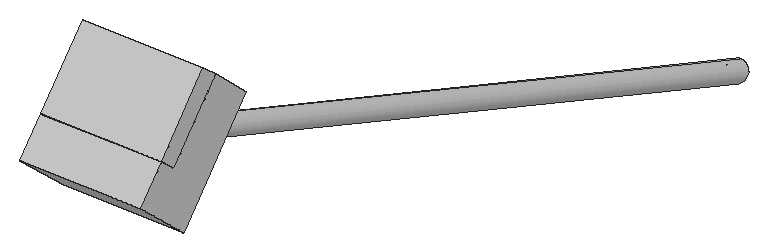
Revit family "GSM-SON-CSH-SoilNail-03", category Site, Revit 2020
Family settings
  Round Connector Dimension = Use Diameter
  Part Type = Normal
  Work Plane-Based = No
  Always vertical = Yes
  Cut with Voids When Loaded = No
  Shared = No
Parameters (values of type "Nail Head_600x600")
  Verification [instance] = ""
  Soil Nail Total Length [instance] = 4000 mm
  Soil Nail Material = Ribbed Reinforcement
  Soil Nail Inclination [instance] = 20.00°
  Soil Nail Head Material = Concrete Grade 30/20
  Soil Nail Dia [instance] = 50 mm
  OmniClassVersion [instance] = "National Standard - 2012-05-16"
  OmniClassTitle [instance] = "Earth Reinforcement Soil Nails"
  OmniClassCode [instance] = "23-11 11 13 11"
  Nail Head to Pivot [instance] = (Nail Head Width * -1 - 50 mm - 82 mm) / cos(Nail Head Angle - Soil Nail Inclination)  # 125.573 mm
  Nail Head Hessian Bag Fill = Soil Mix
  Nail Head Angle [instance] = 40.00°
  Model Number [instance] = ""
  Material Grade [instance] = ""
  Manufacturer Name [instance] = ""
  Location [instance] = ""
  LOD-I [instance] = "300"
  LOD-G [instance] = "300"
  Hole Fill Material = Cement Grout
  Nail Head Width = -250 mm
  Nail Head Length = 600 mm
  Hole Dia [instance] = 100 mm
  Handover Date [instance] = ""
  Equipment Capacity [instance] = ""
  Design Capacity [instance] = ""
  Departmental Unique ID [instance] = ""
  Default Elevation = 0 mm
  Corrosion Protection Layer Material = Corrugated Sheath
  Corrosion Protection Dia.Outer [instance] = Corrosion Protection Dia. + 5 mm  # 75 mm
  Corrosion Protection Layer [instance] = no
  Corrosion Protection Dia. [instance] = Soil Nail Dia + 20 mm  # 70 mm
  Contract Number of the Equipment [instance] = ""
  Certified Completion Date [instance] = ""
  CAT Code [instance] = "GSM"
  Brand Name [instance] = ""
  Asset ID [instance] = ""
Types (4, lengths in mm): name | Nail Head Length
  (no name) | 600
  Nail Head_400x400 | 400
  Nail Head_600x600 | 600
  Nail Head_800x800 | 800
Reference planes
  plane 1 "Center (Front/Back)": y = 0
  plane 2: z = 0
  plane 3 "Center (Left/Right)": x = 0
Forms (mm)
  Extrusion 1, solid, material "Concrete Grade 30/20" <- "Soil Nail Head Material"
    sketch origin (0, 180.816, -95.657) x (1, 0, 0) y (0, -0.642788, -0.766044)
      loop
        line (300, -300) -> (300, 300) -> (-300, 300) -> (-300, -300) -> (300, -300)
    from 0 to -250 <- "Nail Head Width"
  Sweep 2, solid, material "Ribbed Reinforcement" <- "Soil Nail Material"
    path in 3D
      loop
        line (0, 0, 0) -> (0, 3758.77, -1368.081)
    profile origin (0, 1879.385, -684.04) x (0, 0.34202, 0.939693) y (1, 0, 0)
      loop
        circle (0, 0) r 25
  Sweep 3, solid, material "Cement Grout" <- "Hole Fill Material"
    path in 3D
      loop
        line (0, 135.364, -49.268) -> (0, 3805.755, -1385.182)
    profile origin (0, 1970.56, -717.225) x (0, 0.34202, 0.939693) y (1, 0, 0)
      loop
        circle (0, 0) r 50
      loop
        circle (0, 0) r 25
  Sweep 4, solid, material "Corrugated Sheath" <- "Corrosion Protection Layer Material", visible <- "Corrosion Protection Layer"
    path in 3D
      loop
        line (0, 135.364, -49.268) -> (0, 3805.755, -1385.182)
    profile origin (0, 1970.56, -717.225) x (0, 0.34202, 0.939693) y (1, 0, 0)
      loop
        circle (0, 0) r 37.5
      loop
        circle (0, 0) r 35
  Extrusion 5, solid, material "Concrete Grade 30/20" <- "Soil Nail Head Material"
    sketch origin (0, -10.695, 65.04) x (-1, 0, 0) y (0, -0.642788, -0.766044)
      loop
        line (300, 300) -> (-300, 300) -> (-300, 100) -> (300, 100) -> (300, 300)
    from 0 to 100
  Extrusion 6, solid, material "Soil Mix" <- "Nail Head Hessian Bag Fill"
    sketch origin (0, -10.695, 65.04) x (-1, 0, 0) y (0, -0.642788, -0.766044)
      loop
        line (300, -300) -> (300, 100) -> (-300, 100) -> (-300, -300) -> (300, -300)
    from 0 to 100
Cuts and joins
  joined: Extrusion 1, Extrusion 5
Lines and regions (mm)
  reference lines
    curve 1: line (0, 0, 0) -> (0, 118, -42.948)
    curve 2: line (0, 118, -42.948) -> (0, 180.943, -42.948)
    curve 3: line (0, 118, -42.948) -> (0, 180.816, -95.657)
    curve 4: line (0, 0, 0) -> (0, 3758.77, -1368.081)
  sketch lines
    curve 5: line (0, 0, 0) -> (0, 3758.77, -1368.081)
    curve 6: line (0, 135.364, -49.268) -> (0, 3805.755, -1385.182)
    curve 7: line (0, 135.364, -49.268) -> (0, 3805.755, -1385.182)
Dimensions and locks
  "Nail Head to Pivot": curve 1 to curve 1
  "Nail Head Length": Extrusion 1 sketch curve to Extrusion 1 sketch curve  (x2)
  equal spacing: Extrusion 1 sketch curve, curve 3, Extrusion 1 sketch curve  (x2)
  "Soil Nail Total Length": curve 4 to curve 4
  Extrusion 1 to curve 4 = 50 mm
  locked: Extrusion 1 to Extrusion 5 sketch curve at 200
  "Soil Nail Dia": diameter of Sweep 2 sketch curve
  "Soil Nail Dia": diameter of Sweep 3 sketch curve
  "Hole Dia": diameter of Sweep 3 sketch curve
  "Corrosion Protection Dia.": diameter of Sweep 4 sketch curve
  "Corrosion Protection Dia.Outer": diameter of Sweep 4 sketch curve
  "Soil Nail Inclination": angle curve 1 to level
  "Nail Head Angle": angle curve 3 to curve 2
  "Soil Nail Inclination": angle curve 4 to level
  aligned and locked: level to plane 2
Automatic sketch dimensions
  Extrusion 1 to Extrusion 5 sketch curve = 0 mm
  Extrusion 5 sketch curve to Extrusion 1 = 0 mm  (x2)
  Extrusion 6 sketch curve to Extrusion 1 = 0 mm  (x3)
  Extrusion 6 sketch curve to Extrusion 1 = 200 mm
  curve 4 to level = 0 mm
  curve 4 to plane 1 "Center (Front/Back)" = 0 mm
  Sweep 2 sketch curve to profile plane = 0 mm  (x2)
  Sweep 3 sketch curve to Sweep 3 sketch curve = 0 mm  (x2)
  Sweep 3 sketch curve to profile plane = 0 mm  (x2)
  Sweep 4 sketch curve to Sweep 4 sketch curve = 0 mm  (x2)
  Sweep 4 sketch curve to profile plane = 0 mm  (x2)
Nested families
  nested 1: "GSM-SON-CSH-SoilNailSymbol-03" at (0, 0, 0), type "GSM-SON-CSH-SoilNailSymbol-03"
Definition of nested family "GSM-SON-CSH-SoilNailSymbol-03"
  Reference planes
    plane 1: y = 0
    plane 2: x = 0
  Lines and regions (mm)
    detail lines
      curve 1: line (0.75, 0.75, 0) -> (0.75, -0.75, 0)
      curve 2: line (-0.75, 0.75, 0) -> (-0.75, -0.75, 0)
      curve 3: line (-0.75, 0.75, 0) -> (0.75, 0.75, 0)
      curve 4: line (-0.75, -0.75, 0) -> (0.75, -0.75, 0)
      curve 7: line (3.137, -0.75, 0) -> (3.137, 0.75, 0)
      curve 8: line (4.137, 0.75, 0) -> (4.137, -0.75, 0)
      curve 9: line (3.137, 0.75, 0) -> (4.137, -0.75, 0)
    reference lines
      curve 5: line (1.75, -0.75, 0) -> (1.75, 1.882, 0)
      curve 6: line (2.75, -0.972, 0) -> (2.75, 1.882, 0)
      curve 10: line (2.75, 0.75, 0) -> (1.4, 0.75, 0)
      curve 11: line (2.75, -0.75, 0) -> (1.511, -0.75, 0)
  Nested families
    nested 1: "Sign Pole 2D" at (2.259, -0.033, 0), type "Sign Pole 2D"
  Definition of nested family "Sign Pole 2D"
    Reference planes
      plane 1: y = 0
      plane 2: x = 0
    Lines and regions (mm)
      detail lines
        curve 1: arc (-0.409, 0.38, 0) -> (-0.004, 0.785, 0) -> (0.401, 0.38, 0) r 0.405
        curve 2: arc (0.396, -0.36, 0) -> (-0.028, -0.724, 0) -> (-0.413, -0.32, 0) r 0.405
        curve 3: arc (-0.409, 0.38, 0) -> (-0.402, 0.279, 0) -> (-0.38, 0.179, 0) r 0.707
        curve 4: arc (0.396, -0.36, 0) -> (0.394, -0.269, 0) -> (0.38, -0.179, 0) r 0.707
        curve 5: line (-0.38, 0.179, 0) -> (0.38, -0.179, 0)
